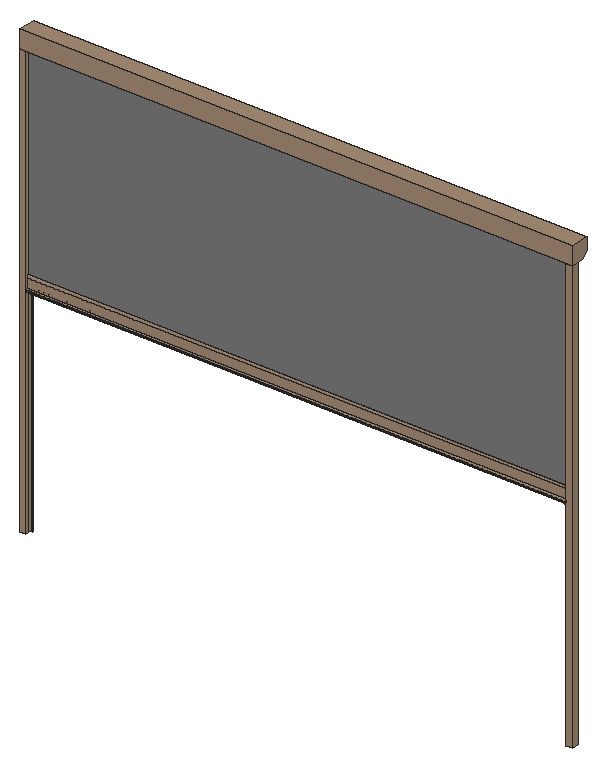
Revit family "Screen_LargeOpening_ExecutiveSeries_PhantomScreens", category Doors, host Wall, Revit 2017
Family settings
  Host = Wall
  OmniClass Number = 23.30.60.21
  OmniClass Title = Insect Screens
  Always vertical = Yes
  Cut with Voids When Loaded = No
  Shared = No
  Room Calculation Point = No
Parameters (values of type "Type as Specified")
  URL = "http://www.phantomscreens.com/"
  Type Comments = ""
  Track Width = 0' - 1 3/8"
  Track Depth = 0' - 1 17/32"
  Track = Light Cherry
  Specification = "http://www.phantomscreens.com/architects-designers/specifications-binder/"
  Slide Bar Width = 0' - 1 1/32"
  Slide Bar Height = 0' - 3 11/16"
  Slide Bar = Light Cherry
  Sizing Notes [instance] = if(or((Width > 25' 0"), (Height > 16' 0")), "Exceeds Maximum Size", "Standard Size")  # "Standard Size"
  Screen Width = 0' - 0 1/8"
  Screen = Opaque - Black
  Sales Information = "http://www.phantomscreens.com/support/"
  Roller Size [instance] = if(or((Width > 20' 0"), (Height > 11' 0")), 0' 5", (if(or((Width > 10' 0"), (Height > 8' 0")), 0' 4", 0' 2 1/2")))  # 0' - 2 1/2"
  Revision = "R1_08-2016"
  Product Properties = "http://www.phantomscreens.com/drive/uploads/2015/05/technical_specs_exec.pdf"
  Product Data = "http://www.arcat.com/arcatcos/cos9540/arc40535.html"
  Percent Open [instance] = 50
  Model = "Executive Series"
  Manufacturer Website = "http://www.phantomscreens.com/"
  Manufacturer Phone - Toll Free = ""
  Manufacturer Phone = "604-855-3654"
  Manufacturer Fax = "604-855-7834"
  Manufacturer Address = "30451 Simpson Rd.; Abbotsford; BC; Canada V2T 6C7"
  Manufacturer = "Phantom Screens"
  Keynote = "08 11 00"
  Installation-Fabrication = "http://www.phantomscreens.com/architects-designers/options/"
  Housing Size [instance] = if(or((Width > 20' 0"), (Height > 11' 0")), 0' 7 1/8", (if(or((Width > 10' 0"), (Height > 8' 0")), 0' 5 1/2", 0' 4")))  # 0' - 4"
  Housing = Light Cherry
  Function = Exterior
  Frame Projection Ext. = 0' - 1"
  Frame Projection Int. = 0' - 1"
  Frame Width = 0' - 3"
  Height [instance] = 8' - 0"
  Wall Closure = By host
  Width [instance] = 10' - 0"
  Drawn By = "Sumex Design - Robert S Weygant"
  Description = "Phantom Screens Executive Series Screen"
  Copyright = "� 2016 ARCAT Inc."
  Construction Details = "http://www.arcat.com/details/phantoms/95prod3444.html"
  Assembly Code = "B2020400"
  Amount Open [instance] = Height * (Percent Open / 100)  # 4' - 0"
Reference planes (in)
  plane 1 "Center (Front/Back)": y = 0
  plane 2 "Center (Left/Right)": x = 0
  plane 3 "Left": x = -60
  plane 4 "Right": x = 60
  plane 5 "Top": z = 96
  plane 6 "Exterior": y = 3
  plane 7 "Interior": y = -5
  plane 8: x = -61.375
  plane 9: y = 7
  plane 10: y = 4.53125
  plane 11: x = 61.375
  plane 12: z = 100
  plane 13: z = 51.6875
  plane 14: z = 48
  plane 15: y = 4.03125
  plane 16: y = 3.3635
  plane 17: y = 3.4885
Forms (in)
  Extrusion 1, solid, material "Light Cherry" <- "Track"
    sketch origin (0, 0, 0) x (1, 0, 0) y (0, 1, 0)
      loop
        line (-61.375, 4.53125) -> (-61.375, 3) -> (-60, 3) -> (-60, 3.3635) -> (-60.25, 3.3635) -> (-60.25, 3.4885) -> (-60, 3.4885) -> (-60, 4.40625) -> (-59.625, 4.40625) -> (-59.625, 4.53125) -> (-61.375, 4.53125)
      loop
        line (61.375, 4.53125) -> (59.625, 4.53125) -> (59.625, 4.40625) -> (60, 4.40625) -> (60, 3.4885) -> (60.25, 3.4885) -> (60.25, 3.3635) -> (60, 3.3635) -> (60, 3) -> (61.375, 3) -> (61.375, 4.53125)
    from 0 to 96
  Extrusion 2, solid, material "Light Cherry" <- "Housing"
    sketch origin (0, 0, 0) x (0, 1, 0) y (0, 0, 1)
      loop
        line (3, 100) -> (3, 96) -> (5.74264, 96) -> (7, 97.25736) -> (7, 100) -> (3, 100)
    from -61.375 to 61.375
  Extrusion 3, solid, material "Light Cherry" <- "Slide Bar"
    sketch origin (0, 0, 0) x (0, 1, 0) y (0, 0, 1)
      loop
        line (3.66775, 51.6875) -> (3.3635, 51.6875)
        arc (3.3635, 51.6875) -> (3.21471, 51.36839) -> (3.12357, 51.0283) r 2.0209
        line (3.12357, 51.0283) -> (3.12357, 49.02742) -> (3.27835, 49.02742) -> (3.27835, 48.97132)
        arc (3.27835, 48.97132) -> (3.09392, 48.81664) -> (3, 48.59501) r 0.51471
        line (3, 48.59501) -> (3, 48.4261)
        arc (3, 48.4261) -> (3.15071, 48.1398) -> (3.44249, 48) r 0.51471
        line (3.44249, 48) -> (3.5891, 48)
        arc (3.5891, 48) -> (3.90687, 48.17522) -> (4.03157, 48.516) r 0.51775
        arc (4.03157, 48.516) -> (3.95674, 48.7804) -> (3.75714, 48.96926) r 0.51775
        line (3.75714, 48.96926) -> (3.75714, 49.02742) -> (3.90768, 49.02742) -> (3.90768, 51.0283)
        arc (3.90768, 51.0283) -> (3.81654, 51.36839) -> (3.66775, 51.6875) r 2.0209
    from -60 to 60
  Extrusion 4, solid, material "Opaque - Black" <- "Screen"
    sketch origin (0, 0, 0) x (0, 1, 0) y (0, 0, 1)
      loop
        line (3.4885, 96) -> (3.3635, 96) -> (3.3635, 51.6875) -> (3.4885, 51.6875) -> (3.4885, 96)
    from -60 to 60
Lines and regions (in)
  Opening 1
    outline origin (-90, -5, 0) x (1, 0, 0) y (0, 0, 1)
      loop
        line (30, 0) -> (150, 0) -> (150, 96) -> (30, 96) -> (30, 0)
  symbolic lines, style "Elevation Swing"
    curve 1: line (60, 0, 96) -> (0, 0, 0)
    curve 2: line (0, 0, 0) -> (-59.625, 0, 96)
Text (in)
  text "Exterior" at (-74.96733, 27.31104, 0), in view "Ref. Level"
  text "Interior" at (-74.96733, -25.14366, 0), in view "Ref. Level"
  text "Exterior" at (0, 40.15149, 123.01588), in view "Right"
  text "Interior" at (0, -64.39139, 123.01588), in view "Right"
  text "Interior" at (0, -31.01599, 123.00693), in view "Left"
  text "Exterior" at (0, 54.57065, 123.00693), in view "Left"
Dimensions and locks (in)
  equal spacing: plane 3 "Left", plane 2 "Center (Left/Right)", plane 4 "Right"
  "Height": level to plane 5 "Top"
  "Width": plane 3 "Left" to plane 4 "Right"
  "Track Width": plane 8 to plane 3 "Left"
  "Track Depth": plane 6 "Exterior" to plane 10
  "Track Width": plane 4 "Right" to plane 11
  "Housing Size": plane 5 "Top" to plane 12
  "Housing Size": plane 9 to plane 6 "Exterior"
  "Slide Bar Height": plane 14 to plane 13
  "Slide Bar Width": plane 15 to plane 6 "Exterior"
  "Screen Width": plane 17 to plane 16
  "Amount Open": plane 14 to level
  locked: plane 16 to plane 6 "Exterior" at 0.3635
  locked: plane 10 to Extrusion 1 sketch curve at 0.125  (x2)
  locked: plane 3 "Left" to Extrusion 1 sketch curve at 0.375
  locked: plane 4 "Right" to Extrusion 1 sketch curve at 0.25
  locked: Extrusion 1 sketch curve to plane 4 "Right" at 0.375
  aligned and locked: plane 3 "Left" to Opening 1 sketch curve
  aligned and locked: plane 5 "Top" to Opening 1 sketch curve  (x2)
  aligned and locked: Opening 1 sketch curve to plane 4 "Right"
  aligned and locked: Opening 1 sketch curve to level
  aligned and locked: plane 6 "Exterior" to host wall
  aligned and locked: plane 7 "Interior" to host wall
  aligned and locked: Extrusion 1 sketch curve to plane 10  (x2)
  aligned and locked: plane 8 to Extrusion 1 sketch curve
  aligned and locked: host wall to Extrusion 1 sketch curve
  aligned and locked: Extrusion 1 to plane 5 "Top"
  aligned and locked: Extrusion 2 sketch curve to plane 12
  aligned and locked: Extrusion 2 sketch curve to plane 6 "Exterior"
  aligned and locked: Extrusion 2 sketch curve to plane 5 "Top"
  aligned and locked: Extrusion 2 sketch curve to plane 9
  aligned and locked: Extrusion 2 to plane 11
  aligned and locked: Extrusion 2 to plane 8
  aligned and locked: plane 13 to Extrusion 3 sketch curve
  aligned and locked: plane 14 to Extrusion 3 sketch curve
  aligned and locked: plane 6 "Exterior" to Extrusion 3 sketch curve
  aligned and locked: Extrusion 3 to plane 4 "Right"
  aligned and locked: Extrusion 4 sketch curve to plane 5 "Top"
  aligned and locked: plane 17 to Extrusion 4 sketch curve
  aligned and locked: Extrusion 4 sketch curve to Extrusion 3  (x2)
  aligned and locked: Extrusion 4 to plane 4 "Right"
  aligned and locked: plane 3 "Left" to Extrusion 4
  aligned and locked: plane 3 "Left" to Extrusion 1 sketch curve  (x2)
  aligned and locked: plane 4 "Right" to Extrusion 1 sketch curve
  aligned and locked: Extrusion 1 sketch curve to plane 11
  aligned and locked: plane 6 "Exterior" to Extrusion 1 sketch curve
  aligned and locked: Extrusion 1 sketch curve to plane 17
  aligned and locked: plane 16 to Extrusion 1 sketch curve
  aligned and locked: plane 3 "Left" to Extrusion 3
Automatic sketch dimensions
  Extrusion 2 sketch curve to plane 5 "Top" = 0' - 1.25736"
  Extrusion 2 sketch curve to plane 9 = 0' - 1.25736"
  plane 5 "Top" to Extrusion 2 sketch curve = 0' - 0"
  Extrusion 3 sketch curve to Extrusion 3 sketch curve = 0' - 0"  (x4)
  Extrusion 3 sketch curve to host wall = 0' - 1.08248"
  host wall to Extrusion 3 sketch curve = 0' - 0.12357"
  Extrusion 3 sketch curve to Extrusion 3 sketch curve = 0' - 0.15478"
  host wall to Extrusion 3 sketch curve = 0' - 0.44249"
  Extrusion 3 sketch curve to Extrusion 3 sketch curve = 0' - 0.00611"
  Extrusion 3 sketch curve to Extrusion 3 sketch curve = 0' - 0.14661"
  plane 15 to Extrusion 3 sketch curve = 0' - 0.27411"
  plane 15 to Extrusion 3 sketch curve = 0' - 0.12357"
  plane 10 to Extrusion 3 sketch curve = 0' - 0.58248"
  Extrusion 3 sketch curve to plane 14 = 0' - 0.4261"
  Extrusion 3 sketch curve to Extrusion 3 sketch curve = 0' - 0.00169"
  Extrusion 3 sketch curve to Extrusion 3 sketch curve = 0' - 0.00206"
  Extrusion 3 sketch curve to Extrusion 3 sketch curve = 0' - 0.0561"
  Extrusion 3 sketch curve to Extrusion 3 sketch curve = 0' - 0.05816"
  Extrusion 3 sketch curve to plane 13 = 0' - 1.0103"  (x2)
  Extrusion 3 sketch curve to Extrusion 3 sketch curve = 0' - 0.23993"  (x2)
  Extrusion 3 sketch curve to plane 15 = 0' - 0.00032"
  Extrusion 3 sketch curve to Extrusion 3 sketch curve = 0' - 0.06525"
  Extrusion 1 sketch curve to plane 16 = 0' - 0"
  Extrusion 1 sketch curve to plane 17 = 0' - 0"
  Extrusion 1 sketch curve to plane 4 "Right" = 0' - 0"
  Extrusion 1 sketch curve to host wall = 0' - 0"
  Extrusion 1 sketch curve to Extrusion 1 sketch curve = 0' - 0 1/4"
  curve 2 to plane 5 "Top" = 0' - 0"
  curve 2 to plane 2 "Center (Left/Right)" = 0' - 0"
  curve 1 to level = 0' - 0"
  plane 4 "Right" to curve 1 = 0' - 0"
  curve 2 to plane 3 "Left" = 0' - 0 3/8"
  curve 1 to plane 5 "Top" = 0' - 0"
